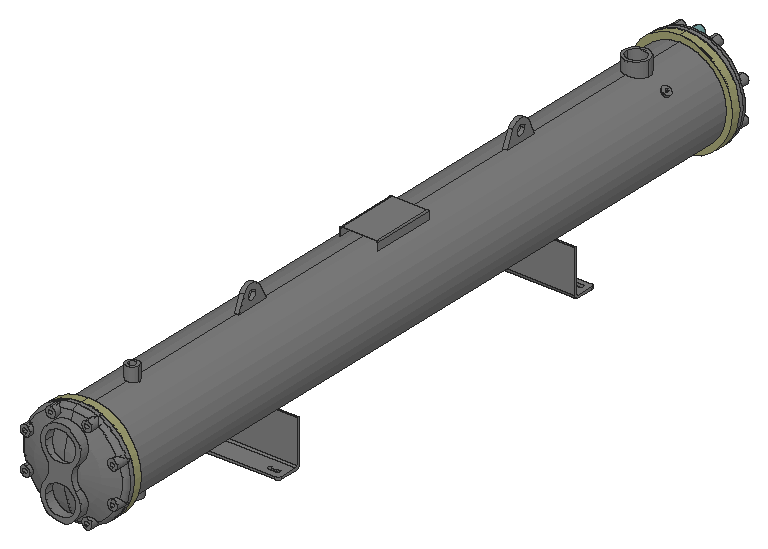
Revit family "MIT-BCM_285_4P", category Specialty Equipment, Revit 2022
Family settings
  Round Connector Dimension = Use Radius
  Part Type = Normal
  Work Plane-Based = No
  Always vertical = Yes
  Cut with Voids When Loaded = No
  Maintain Annotation Orientation = No
  Shared = No
  Room Calculation Point = No
Parameters
  URL = "https://en.ekinendustriyel.com/evaporators-and-condensers"
  Test Pressure = 64.35 bar
  Production Standard = "TS EN 13831"
  Operating Pressure = 45.0 bar
  Model = "MIT-BCM 285_4P"
  Manufacturer = "Ekin Endüstriyel"
  Keynote = "Condensers"
  Description = "MIT- Condensers"
  Default Elevation = 0 mm
Reference planes
  plane 1 "Center (Front/Back)": y = 0
  plane 2: z = 0
  plane 3 "Center (Left/Right)": x = 0
Forms (mm)
  Extrusion 1, solid, material "Ekin Endustriyel-S235JR"
    sketch origin (0, 0, 0) x (1, 0, 0) y (0, 0, 1)
      loop
        circle (0, 189.55) r 109.55
    from -880 to 880
  Extrusion 2, solid, material "Ekin Endustriyel-S235JR", detail levels fine
    sketch origin (0, 0, 53.995) x (1, 0, 0) y (0, 0, 1)
      loop
        line (-45, 235.88) -> (-44, 235.88) -> (-44, 252.88)
        arc (-44, 252.88) -> (-43.414, 254.294) -> (-42, 254.88) r 2
        line (-42, 254.88) -> (42, 254.88)
        arc (42, 254.88) -> (43.414, 254.294) -> (44, 252.88) r 2
        line (44, 252.88) -> (44, 235.88) -> (45, 235.88) -> (45, 252.88)
        arc (45, 252.88) -> (44.121, 255.002) -> (42, 255.88) r 3
        line (42, 255.88) -> (-42, 255.88)
        arc (-42, 255.88) -> (-44.121, 255.002) -> (-45, 252.88) r 3
        line (-45, 252.88) -> (-45, 235.88)
    from -75 to 75
  Extrusion 3, solid, material "Ekin Endustriyel-S235JR", detail levels fine
    sketch origin (0, 500.19, 28.671) x (1, 0, 0) y (0, 1, 0)
      loop
        circle (0, 249.81) r 29.75
      loop
        circle (0, 249.81) r 23.144
    from 300.429 to 204.31
  Extrusion 4, solid, material "Ekin Endustriyel-S235JR", detail levels fine
    sketch origin (0, -499.666, 25.55) x (1, 0, 0) y (0, 1, 0)
      loop
        circle (0, -250.334) r 15.25
      loop
        circle (0, -250.334) r 8.928
    from 303.756 to 211.07
  Extrusion 5, solid, material "Ekin Endustriyel-S235JR", detail levels fine
    sketch origin (71.72, 749.856, 264.541) x (0, 1, 0) y (-0.707107, 0, 0.707107)
      loop
        circle (0.144, 9.086) r 11
      loop
        circle (0.144, 9.086) r 4.56
    from 9.086 to -32.02
  Extrusion 6, solid, material "Ekin Endustriyel-S235JR", detail levels fine
    sketch origin (0, -500.291, 0) x (1, 0, 0) y (0, 1, 0)
      loop
        circle (0, -249.709) r 23.75
      loop
        circle (0, -249.709) r 20.109
    from 50 to 169.15
  Extrusion 7, solid, material "Ekin Endustriyel-S235JR", detail levels medium+fine
    sketch origin (0, 1180.334, 12.15) x (1, 0, 0) y (0, 0, 1)
      loop
        circle (0, 164.15) r 100
    from 280.334 to 300.334
  Extrusion 8, solid, material "Ekin Endustriyel-AISI316L", detail levels medium+fine
    sketch origin (0, 549.666, 12.15) x (1, 0, 0) y (0, 0, -1)
      loop
        circle (0, -177) r 125
    from 330.334 to 350.334
  Revolve 9, solid, material "Ekin Endustriyel-S235JR", detail levels medium+fine
    sketch origin (0, 549.666, 12.15) x (0, -1, 0) y (0, 0, -1)
      loop
        line (-350.334, -301.755) -> (-350.334, -177.003) -> (-403.289, -177.003)
        arc (-403.289, -177.003) -> (-395.664, -237.012) -> (-374.553, -293.699) r 263.464
        arc (-374.553, -293.699) -> (-369.114, -299.581) -> (-361.403, -301.755) r 14.761
        line (-361.403, -301.755) -> (-350.334, -301.755)
      axis (-350.334, -177.003) -> (-403.289, -177.003)
    angle from 0 to 360
  Extrusion 10, solid, material "Ekin Endustriyel-S235JR", detail levels coarse
    sketch origin (0, 0, 12.15) x (1, 0, 0) y (0, 0, 1)
      loop
        circle (0, 177) r 125
    from -953 to 963
  Extrusion 11, solid, material "Ekin Endustriyel-S235JR"
    sketch origin (0, 275.334, 0) x (0, 1, 0) y (0, 0, 1)
      loop
        arc (134.666, 9) -> (137.302, 2.636) -> (143.666, 0) r 9
        line (143.666, 0) -> (194.666, 0) -> (194.666, 5) -> (143.666, 5)
        arc (143.666, 5) -> (140.837, 6.172) -> (139.666, 9) r 4
        line (139.666, 9) -> (139.666, 110) -> (134.666, 110) -> (134.666, 9)
    from -125 to 125
  Extrusion 12, void
    sketch origin (0, 470, 5) x (0, -1, 0) y (1, 0, 0)
      loop
        line (25.25, 88.5) -> (25.25, 108.5)
        arc (25.25, 108.5) -> (20, 113.75) -> (14.75, 108.5) r 5.25
        line (14.75, 108.5) -> (14.75, 88.5)
        arc (14.75, 88.5) -> (20, 83.25) -> (25.25, 88.5) r 5.25
      loop
        line (10, 125) -> (-10, 125) -> (-10, -125) -> (10, -125)
        arc (10, -125) -> (2.929, -122.071) -> (0, -115) r 10
        line (0, -115) -> (0, 115)
        arc (0, 115) -> (2.929, 122.071) -> (10, 125) r 10
      loop
        arc (14.75, -108.5) -> (20, -113.75) -> (25.25, -108.5) r 5.25
        line (25.25, -108.5) -> (25.25, -88.5)
        arc (25.25, -88.5) -> (20, -83.25) -> (14.75, -88.5) r 5.25
        line (14.75, -88.5) -> (14.75, -108.5)
    from -5 to 0
  Extrusion 13, solid, material "Ekin Endustriyel-S235JR"
    sketch origin (0, -275.334, 0) x (0, -1, 0) y (0, 0, -1)
      loop
        line (134.666, -9) -> (134.666, -110) -> (139.666, -110) -> (139.666, -9)
        arc (139.666, -9) -> (140.837, -6.172) -> (143.666, -5) r 4
        line (143.666, -5) -> (194.666, -5) -> (194.666, 0) -> (143.666, 0)
        arc (143.666, 0) -> (137.302, -2.636) -> (134.666, -9) r 9
    from -125 to 125
  Extrusion 14, void
    sketch origin (0, -470, 5) x (0, 1, 0) y (-1, 0, 0)
      loop
        arc (25.25, -88.5) -> (20, -83.25) -> (14.75, -88.5) r 5.25
        line (14.75, -88.5) -> (14.75, -108.5)
        arc (14.75, -108.5) -> (20, -113.75) -> (25.25, -108.5) r 5.25
        line (25.25, -108.5) -> (25.25, -88.5)
      loop
        arc (10, -125) -> (2.929, -122.071) -> (0, -115) r 10
        line (0, -115) -> (0, 115)
        arc (0, 115) -> (2.929, 122.071) -> (10, 125) r 10
        line (10, 125) -> (-10, 125) -> (-10, -125) -> (10, -125)
      loop
        line (14.75, 108.5) -> (14.75, 88.5)
        arc (14.75, 88.5) -> (20, 83.25) -> (25.25, 88.5) r 5.25
        line (25.25, 88.5) -> (25.25, 108.5)
        arc (25.25, 108.5) -> (20, 113.75) -> (14.75, 108.5) r 5.25
    from -5 to 0
  Extrusion 15, solid, material "Ekin Endustriyel-S235JR", detail levels medium+fine
    sketch origin (40, -549.666, 12.133) x (1, 0, 0) y (0, 0, 1)
      loop
        circle (-40, 234.5) r 36.3
      loop
        circle (-40, 119.5) r 36.3
      loop
        arc (-3.858, 150.013) -> (-12.768, 177) -> (-3.858, 203.987) r 45.323
        arc (-3.858, 203.987) -> (-40, 281.8) -> (-76.142, 203.987) r 47.3
        arc (-76.142, 203.987) -> (-67.232, 177) -> (-76.142, 150.013) r 45.323
        arc (-76.142, 150.013) -> (-40, 72.2) -> (-3.858, 150.013) r 47.3
    from 390.526 to 413.334
  Extrusion 16, solid, material "Ekin Endustriyel-Zinc", detail levels medium+fine
    sketch origin (0, 550.334, 12.15) x (1, 0, 0) y (0, 0, 1)
      loop
        circle (0.148, 285.985) r 12.497
      loop
        circle (0.148, 285.985) r 5.497
    from -387.666 to -367.889
  Extrusion 17, solid, material "Ekin Endustriyel-S235JR", detail levels medium+fine
    sketch origin (0, -549.666, 12.133) x (1, 0, 0) y (0, 0, -1)
      loop
        circle (-43.117, -280.877) r 12
      loop
        circle (-43.117, -280.877) r 5.497
      loop
        circle (43.117, -280.877) r 12
      loop
        circle (43.117, -280.877) r 5.497
      loop
        circle (104.001, -219.992) r 12
      loop
        circle (104.001, -219.992) r 5.497
      loop
        circle (104.001, -134.055) r 12
      loop
        circle (104.001, -134.055) r 5.497
      loop
        circle (43.282, -73.179) r 12
      loop
        circle (43.282, -73.179) r 5.497
      loop
        circle (-104.001, -219.992) r 12
      loop
        circle (-104.001, -219.992) r 5.497
      loop
        circle (-104.001, -134.055) r 12
      loop
        circle (-104.001, -134.055) r 5.497
      loop
        circle (-43.282, -73.179) r 12
      loop
        circle (-43.282, -73.179) r 5.497
    from -388.334 to -355.334
  Extrusion 18, solid, material "Ekin Endustriyel-S235JR", detail levels fine
    sketch origin (0, -0.334, 25.265) x (0, -1, 0) y (0, 0, -1)
      loop
        line (-440.334, -273.721) -> (-422.806, -309.676)
        arc (-422.806, -309.676) -> (-400.334, -323.721) -> (-377.863, -309.676) r 25
        line (-377.863, -309.676) -> (-360.334, -273.721) -> (-440.334, -273.721)
      loop
        circle (-400.334, -298.721) r 12.5
      loop
        line (439.666, -273.721) -> (359.666, -273.721) -> (377.194, -309.676)
        arc (377.194, -309.676) -> (399.666, -323.721) -> (422.137, -309.676) r 25
        line (422.137, -309.676) -> (439.666, -273.721)
      loop
        circle (399.666, -298.721) r 12.5
    from -5 to 5
  Extrusion 19, solid, material "Ekin Endustriyel-S235JR", detail levels medium+fine
    sketch origin (-164.15, 550.334, 176.3) x (0, 0, -1) y (1, 0, 0)
      loop
        circle (-60.178, 211.509) r 20
      loop
        circle (34.988, 116.302) r 17
    from -402.666 to -351.666
  Extrusion 20, solid, material "Ekin Endustriyel-AISI316L", detail levels medium+fine
    sketch origin (0, -549.666, 12.133) x (1, 0, 0) y (0, 0, 1)
      loop
        circle (0, 177) r 125
    from 330.334 to 350.334
  Revolve 21, solid, material "Ekin Endustriyel-S235JR", detail levels medium+fine
    sketch origin (0, -549.666, 12.133) x (0, 1, 0) y (0, 0, 1)
      loop
        line (-350.334, 301.755) -> (-361.403, 301.755)
        arc (-361.403, 301.755) -> (-369.114, 299.581) -> (-374.553, 293.699) r 14.761
        arc (-374.553, 293.699) -> (-395.664, 237.012) -> (-403.289, 177.003) r 263.464
        line (-403.289, 177.003) -> (-350.334, 177.003) -> (-350.334, 301.755)
      axis (-350.334, 177.003) -> (-403.289, 177.003)
    angle from 0 to 360
  Extrusion 22, solid, material "Ekin Endustriyel-S235JR", detail levels medium+fine
    sketch origin (0, 550.334, 12.15) x (1, 0, 0) y (0, 0, 1)
      loop
        circle (-43.117, 280.877) r 12
      loop
        circle (-43.117, 280.877) r 5.497
      loop
        circle (43.117, 280.877) r 12
      loop
        circle (43.117, 280.877) r 5.497
      loop
        circle (104.001, 219.992) r 12
      loop
        circle (104.001, 219.992) r 5.497
      loop
        circle (104.001, 134.055) r 12
      loop
        circle (104.001, 134.055) r 5.497
      loop
        circle (43.282, 73.179) r 12
      loop
        circle (43.282, 73.179) r 5.497
      loop
        circle (-104.001, 219.992) r 12
      loop
        circle (-104.001, 219.992) r 5.497
      loop
        circle (-104.001, 134.055) r 12
      loop
        circle (-104.001, 134.055) r 5.497
      loop
        circle (-43.282, 73.179) r 12
      loop
        circle (-43.282, 73.179) r 5.497
      loop
        circle (0.148, 67.765) r 12.497
      loop
        circle (0.148, 67.765) r 5.497
    from -387.666 to -367.889
Cuts and joins
  Extrusion 12, Extrusion 14 cuts Extrusion 11
  Extrusion 14 cuts Extrusion 13
  joined: Extrusion 1, Extrusion 11, Extrusion 13
Dimensions and locks
  aligned and locked: level to plane 2
Connectors
  piping at (0, -963, 246.633), diameter 63.6
    settings: on Extrusion 15, index 1, connector inside diameter 609.6 mm, connector length 0 mm, flow factor 0, pipe flow 0.0 L/s, pressure drop 0.0 Pa, fitting loss kfactor 0, connector angle 0.00°, fixture units 0, engagement length 0 mm, angle of deflection 0.00°, flow configuration 0, flow direction 1, fitting loss method 0, system type 7, joint type 0, gender type 0, connector reference index -1, connector utility 0, adjustable connector no, is connector primary yes, connector description ""
  piping at (0, -963, 131.633), diameter 63.6
    settings: on Extrusion 15, index 2, connector inside diameter 609.6 mm, connector length 0 mm, flow factor 0, pipe flow 0.0 L/s, pressure drop 0.0 Pa, fitting loss kfactor 0, connector angle 0.00°, fixture units 0, engagement length 0 mm, angle of deflection 0.00°, flow configuration 0, flow direction 2, fitting loss method 0, system type 7, joint type 0, gender type 0, connector reference index -1, connector utility 0, adjustable connector no, is connector primary no, connector description ""
  hvac at (0, 750, 329.1)
    settings: on Extrusion 3, index 3, duct flow 0.0 L/s, flow factor 0, pres drop 0.0 bar, loss coef 0, conn angle 0.00°, conn width 304.8 mm, conn height 304.8 mm, conn diameter 54 mm, duct sys type 3, conn prof type 0, flow config 0, flow direction 0, loss method 0, conn ref index -1, conn util no, is conn primary yes, conn desc ""
  hvac at (0, -750, 50)
    settings: on Extrusion 6, index 4, duct flow 0.0 L/s, flow factor 0, pres drop 0.0 bar, loss coef 0, conn angle 0.00°, conn width 304.8 mm, conn height 304.8 mm, conn diameter 42 mm, duct sys type 3, conn prof type 0, flow config 0, flow direction 0, loss method 0, conn ref index -1, conn util no, is conn primary no, conn desc ""
